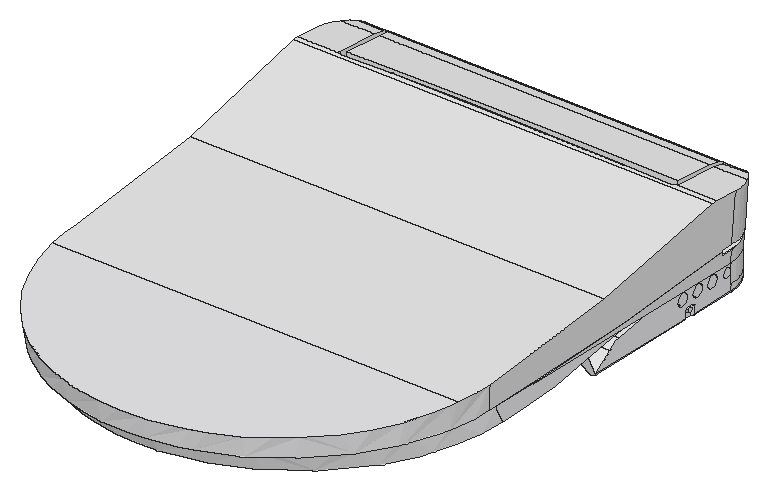
Revit family "Toilet_Seat-Elongated_Closed_Front-Cleansing-KOHLER-Purewash-K-28820X", category Plumbing Fixtures, host Face, Revit 2021
Family settings
  Host = Face
  Round Connector Dimension = Use Diameter
  Part Type = Normal
  OmniClass Number = 23.31.19.19.17
  OmniClass Title = Water Closet Seats
  Cut with Voids When Loaded = No
  Shared = No
  Room Calculation Point = No
Parameters (values of type "0-White")
  Width = 15.06299"  # constant formula
  WaterSense Certified = 1 = 0  # no
  Waste Water Outlet = "Waste Water Outlet"  # constant formula
  Waste Connection = 1 = 0  # no
  Voltage = 120 V  # constant formula
  Vent Connection = 1 = 0  # no
  URL = "https://www.kohler.co.th/"
  Type = 1
  Seat Included = 1 = 1  # yes
  Product Page URL = ""
  Product Name = "Purewash"  # constant formula
  Product Documentation Link = ""
  Pressure = 0.00 psi
  Model = "K-28820X-0"  # constant formula
  Material = "Plastic Construction"  # constant formula
  Master Format 2014 Name = "Residential Water Closets"  # constant formula
  Master Format 2014 = "22 41 13.13"  # constant formula
  Manufacturer Address = "16th Floor, Jasmine City Building 2, Soi Sukhumvit 23, Sukhumvit Road, Khlong Toei Nuea, Watthana, Bangkok 10110\r\n\r\n\r\n\r\n"  # constant formula
  Manufacturer = "Kohler Co."  # constant formula
  Length = 20.24409"  # constant formula
  Hot Water Inlet = "Hot Water Inlet"  # constant formula
  Height = 3.56693"  # constant formula
  HW Connection = 1 = 0  # no
  Flush Rate- LPF = "0 LPF"
  Flush Rate- GPF = "0 GPF"
  Flow Rate = 0 GPM
  Finish = Kohler-Plastic-0-White
  Environmental Product Declaration = ""
  Electrical Note = "One Dedicated Circuit Required"  # constant formula
  Electrical Connector = 1 = 1  # yes
  Description = "E900 Round Bidet Seat"  # constant formula
  Default Elevation = 15"
  Declare Label = ""
  Date Modified = "11/18/2023"  # constant formula
  Date Created = "11/18/2023"  # constant formula
  Copyright = "Copyright Kohler Co."  # constant formula
  Contact Us = "https://www.kohler.co.th/contact-us"
  Cold Water Inlet = "Cold Water Inlet"  # constant formula
  CW Connection = 1 = 1  # yes
  Assembly Code = "D2010100"
  Apparent Load = 1200 VA  # constant formula
  ADA Compliant = 1 = 0  # no
Reference planes (in)
  plane 1 "Center (Front/Back)": y = 0
  plane 2: z = 0
  plane 3 "Center (Left/Right)": x = 0
  plane 4: z = 0
  plane 5: z = 3.56693
  plane 6: x = -7.5315
  plane 7: y = -3.56693
  plane 8: x = -3.94094
  plane 9: x = 3.94094
  plane 10: y = -6.24711
  plane 11: y = -17.27073
  plane 12: y = -0.80315
  plane 13: z = 0
  plane 14: z = 3.56693
  plane 15: z = 1.81102
  plane 16: z = 1.43701
  plane 17: z = 2.77843
  plane 18: z = 0.87826
  plane 19: z = 0.41589
  plane 20: z = -0.91732
  plane 21: z = 0.41589
  plane 22: z = 0.87
  plane 23: y = -2.45809
  plane 24: y = -3.41243
  plane 25: x = 7.31333
  plane 26: x = -7.31333
  plane 27: z = 1.05051
  plane 28: z = 0.4528
  plane 29: z = 0.4528
  plane 30: z = 0.4528
  plane 31: x = -2.75591
  plane 32: x = 2.75591
  plane 33: y = -3.68252
  plane 34: z = 1.94094
  plane 35: x = 7.5315
  plane 36: y = -20.24409
Forms (in)
  Extrusion 1, void
    sketch origin (0, 0, 0) x (0, 1, 0) y (0, 0, 1)
      loop
        line (-1.31466, 0.0884) -> (-5.35645, 0.0884) -> (-5.35645, -1.29024) -> (-1.31466, -1.29024) -> (-1.31466, 0.0884)
    from -1.69501 to 1.10921
Dimensions and locks (in)
  host face to plane 4 = 0"
  "Height": level to plane 5
  plane 8 to plane 9 = 7.88189"
  plane 10 to plane 11 = 11.02362"
  plane 31 to plane 32 = 5.51181"
  plane 20 to plane 5 = 4.48425"
  level to plane 34 = 1.94094"
  "Width": plane 6 to plane 35
  "Length": plane 36 to plane 1 "Center (Front/Back)"
  aligned and locked: plane 2 to host face
  aligned and locked: level to host face
  aligned and locked: plane 3 "Center (Left/Right)" to nested 1
  aligned and locked: nested 1 to plane 13
  aligned and locked: plane 13 to level
  aligned and locked: plane 6 to nested 1
  aligned and locked: plane 35 to nested 1
  aligned and locked: plane 1 "Center (Front/Back)" to nested 1  (x2)
  aligned and locked: plane 36 to nested 1
Automatic sketch dimensions
  host sketch curve to host sketch curve = 96"  (x2)
  plane 7 to Extrusion 1 sketch curve = 2.25227"
  level to Extrusion 1 sketch curve = 0.0884"
  plane 10 to Extrusion 1 sketch curve = 0.89065"
  plane 20 to Extrusion 1 sketch curve = 0.37292"
Nested families (in)
  nested 1: "K-28820X" at (0, 0, -0.91732), type "K-28820X"
Connectors (in)
  piping at (-7.31333, -2.45809, 1.05051), diameter 0.5, driven by "CW Connection", driven by "Cold Water Inlet"
    settings: on nested 1, index 2, connector inside diameter 24", connector length 0", flow factor 0, pipe flow 0 GPM, pressure drop 0.00 psi, fitting loss kfactor 0, connector angle 0.00°, fixture units 0, engagement length 0", angle of deflection 0.00°, flow configuration 0, flow direction 1, fitting loss method 0, system type 20, joint type 0, gender type 0, connector reference index -1, connector utility 1, adjustable connector no, is connector primary yes, connector description "Cold Water Inlet"
  electrical at (7.31333, -3.41243, 0.4528), driven by "Electrical Connector", driven by "Electrical Note", driven by "Voltage", driven by "Apparent Load"
    settings: on nested 1, index 3, voltage 120 V, apparent load 1200 VA, apparent load phase1 0 VA, apparent load phase2 0 VA, apparent load phase3 0 VA, power factor 1, load classification "Power", number of poles 1, system type 30, power factor state 1, is connector primary yes, connector utility yes, sub classification motor no, connector description "One Dedicated Circuit Required"
Definition of nested family "K-28820X"
  Parameters (values of type "K-28820IN")
    Material = none
    HC = no
    Default Elevation = 0"
  Reference planes (in)
    plane 1 "Center (Front/Back)": y = 0
    plane 2: z = 0
    plane 3 "Center (Left/Right)": x = 0
    plane 4 "A": through (0, -4.15406, 2.4332) normal (0, -0.2824, 0.9593)
    plane 5 "1": through (0, -4.44479, 3.48686) normal (0, -0.2272, 0.9739)
    plane 6: z = 1.12782
    plane 7: z = 3.95289
    plane 8: z = 0
    plane 9: x = -7.5315
    plane 10: x = 7.5315
    plane 11: y = -0.80315
    plane 12 "4": through (0, -4.94768, 0.41919) normal (0, -0.7071, -0.7071)
    plane 13 "2": through (0, -4.38689, 0.22976) normal (0, -0.7071, 0.7071)
    plane 14: y = -6.24711
    plane 15: y = -17.27073
    plane 16: x = 3.94094
    plane 17: x = -3.94094
    plane 18: z = 4.48425
    plane 19: z = 0.91732
    plane 20: z = 2.85827
    plane 21: z = 2.35433
    plane 22: y = -2.53191
    plane 23: x = 7.50124
    plane 24: x = -7.50327
    plane 25: z = 3.69575
    plane 26: y = 0
    plane 27: y = -3.41243
    plane 28: z = 1.33321
    plane 29: z = 0
    plane 30: z = 1.78733
    plane 31: x = 7.31333
    plane 32: x = -7.31333
    plane 33: y = -2.45809
    plane 34: z = 1.37012
    plane 35: z = 1.96783
    plane 36: y = -20.24409
  Forms (in)
    Extrusion 1, void
      sketch origin (0, 0, 0) x (1, 0, 0) y (0, 1, 0)
        loop
          line (5.91841, 0.5055) -> (5.91841, -2.22794)
          arc (5.91841, -2.22794) -> (0, -2.17361) -> (-5.91841, -2.2281) r 321.9074
          line (-5.91841, -2.2281) -> (-5.91841, 0.60393) -> (-6.08082, 0.60393) -> (-6.08082, -2.36326)
          arc (-6.08082, -2.36326) -> (-6.03838, -2.46298) -> (-5.93709, -2.50153) r 0.13837
          arc (-5.93709, -2.50153) -> (0.0003, -2.38675) -> (5.93768, -2.50202) r 153.30301
          arc (5.93768, -2.50202) -> (6.03855, -2.46363) -> (6.08082, -2.36433) r 0.1378
          line (6.08082, -2.36433) -> (6.08082, 0.5055) -> (5.91841, 0.5055)
      from 2.68112 to 7.6623
    Extrusion 2, solid, material <- "Material", detail levels medium+fine
      sketch origin (0, 0, 0) x (0, 1, 0) y (0, 0, 1)
        loop
          line (-5.47875, 1.05493) -> (-4.56243, 0.02686) -> (-3.53436, 1.05493) -> (-5.47875, 1.05493)
      from -1.02586 to 1.06291
    Sweep 3, solid, material <- "Material", detail levels medium+fine
      path origin (0, 0, 0) x (1, 0, 0) y (0, 1, 0)
        loop
          line (7.31333, -8.16841) -> (7.31333, -1.5748)
          arc (7.31333, -1.5748) -> (6.85208, -0.46125) -> (5.73853, 0) r 1.5748
          line (5.73853, 0) -> (-5.81333, 0)
          arc (-5.81333, 0) -> (-6.87399, -0.43934) -> (-7.31333, -1.5) r 1.5
          line (-7.31333, -1.5) -> (-7.31333, -7.99606)
      profile origin (-7.31333, -4.74803, 0) x (1, 0, 0) y (0, 0, 1)
        loop
          line (0, 1.38413) -> (0, 1.15841)
          arc (0, 1.15841) -> (0.00565, 1.13731) -> (0.0211, 1.12186) r 0.0422
          line (0.0211, 1.12186) -> (0.33319, 0.94168)
          arc (0.33319, 0.94168) -> (0.37703, 0.92352) -> (0.42408, 0.91732) r 0.18179
          line (0.42408, 0.91732) -> (0.68301, 0.91732) -> (0.68301, 1.38413) -> (0, 1.38413)
    Extrusion 4, solid, material <- "Material", detail levels medium+fine
      sketch origin (0, 0, 0) x (1, 0, 0) y (0, 1, 0)
        loop
          arc (-5.95669, -0.68301) -> (-6.58728, -0.94421) -> (-6.84848, -1.5748) r 0.89179
          line (-6.84848, -1.5748) -> (-6.84848, -7.99606) -> (6.84848, -7.99606) -> (6.84848, -1.5748)
          arc (6.84848, -1.5748) -> (6.58728, -0.94421) -> (5.95669, -0.68301) r 0.89179
          line (5.95669, -0.68301) -> (-5.95669, -0.68301)
      from 0.91732 to 1.38413
    Extrusion 5, void
      sketch origin (0, 0, -0.05469) x (1, 0, 0) y (0, 0, 1)
        loop
          arc (-6.49631, 2.77136) -> (-6.26963, 2.7976) -> (-6.04144, 2.79893) r 2.08579
          line (-6.04144, 2.79893) -> (-6.04144, 3.13675)
          arc (-6.04144, 3.13675) -> (-6.21672, 3.13193) -> (-6.39033, 3.1073) r 1.5473
          arc (-6.39033, 3.1073) -> (-6.69483, 3.02189) -> (-6.98292, 2.89143) r 2.086
          arc (-6.98292, 2.89143) -> (-7.15579, 2.80875) -> (-7.3367, 2.74553) r 1.74393
          arc (-7.3367, 2.74553) -> (-7.44785, 2.71734) -> (-7.56062, 2.69652) r 1.74393
          arc (-7.56062, 2.69652) -> (-7.7236, 2.64352) -> (-7.89164, 2.60989) r 1.46679
          arc (-7.89164, 2.60989) -> (-7.81686, 2.5539) -> (-7.72802, 2.52499) r 0.28594
          arc (-7.72802, 2.52499) -> (-7.50668, 2.51864) -> (-7.29034, 2.56584) r 0.91167
          arc (-7.29034, 2.56584) -> (-6.8976, 2.68514) -> (-6.49631, 2.77136) r 4.93078
        loop
          arc (6.49631, 2.77136) -> (6.8976, 2.68514) -> (7.29034, 2.56584) r 4.93078
          arc (7.29034, 2.56584) -> (7.50668, 2.51864) -> (7.72802, 2.52499) r 0.91167
          arc (7.72802, 2.52499) -> (7.81686, 2.5539) -> (7.89164, 2.60989) r 0.28594
          arc (7.89164, 2.60989) -> (7.7236, 2.64352) -> (7.56062, 2.69652) r 1.46679
          arc (7.56062, 2.69652) -> (7.44785, 2.71734) -> (7.3367, 2.74553) r 1.74393
          arc (7.3367, 2.74553) -> (7.15579, 2.80875) -> (6.98292, 2.89143) r 1.74393
          arc (6.98292, 2.89143) -> (6.69483, 3.02189) -> (6.39033, 3.1073) r 2.086
          arc (6.39033, 3.1073) -> (6.21672, 3.13193) -> (6.04144, 3.13675) r 1.5473
          line (6.04144, 3.13675) -> (6.04144, 2.79893)
          arc (6.04144, 2.79893) -> (6.26963, 2.7976) -> (6.49631, 2.77136) r 2.08579
      from -0.13429 to 2.04421
    Extrusion 6, solid, material <- "Material", detail levels medium+fine
      sketch origin (0.08093, 0, 0) x (1, 0, 0) y (0, 1, 0)
        loop
          arc (6.30544, -11.37878) -> (5.89242, -10.7178) -> (5.23145, -11.13083) r 0.55112
          line (5.23145, -11.13083) -> (4.95538, -12.32661)
          arc (4.95538, -12.32661) -> (5.3684, -12.98759) -> (6.02937, -12.57456) r 0.55112
          line (6.02937, -12.57456) -> (6.30544, -11.37878)
        loop
          line (-6.45677, -11.57597) -> (-6.22622, -12.57456)
          arc (-6.22622, -12.57456) -> (-5.56525, -12.98759) -> (-5.15223, -12.32661) r 0.55112
          line (-5.15223, -12.32661) -> (-5.38277, -11.32802)
          arc (-5.38277, -11.32802) -> (-6.04374, -10.91499) -> (-6.45677, -11.57597) r 0.55112
      from 0.91732 to 1.58915
    Extrusion 7, void
      sketch origin (0, 0, 0) x (0, 1, 0) y (0, 0, 1)
        loop
          arc (-2.44346, 4.50983) -> (-1.61512, 4.45497) -> (-0.7883, 4.38062) r 35.22946
          arc (-0.7883, 4.38062) -> (-0.58901, 4.35367) -> (-0.39192, 4.31368) r 3.05569
          arc (-0.39192, 4.31368) -> (-0.1827, 4.18538) -> (-0.09013, 3.95809) r 0.3937
          line (-0.09013, 3.95809) -> (0.16199, 0.35269) -> (0.51402, 0.35269) -> (0.51402, 5.25794) -> (-21.08788, 5.25794) -> (-21.08788, 2.79077)
          arc (-21.08788, 2.79077) -> (-20.4862, 2.79113) -> (-19.88453, 2.79322) r 210.34624
          arc (-19.88453, 2.79322) -> (-16.80236, 2.83091) -> (-13.72108, 2.91375) r 210.34624
          arc (-13.72108, 2.91375) -> (-10.53082, 3.11309) -> (-7.35688, 3.49192) r 56.6922
          arc (-7.35688, 3.49192) -> (-4.98208, 3.91815) -> (-2.63781, 4.48885) r 39.42662
          arc (-2.63781, 4.48885) -> (-2.54148, 4.50722) -> (-2.44346, 4.50983) r 0.60644
      from -9.62549 to 9.84252
    Extrusion 8, void
      sketch origin (0, 0, 0) x (1, 0, 0) y (0, 0, 1)
        loop
          line (3.62375, 2.99049) -> (3.62375, 1.61254) -> (5.63601, 1.61254) -> (5.63601, 2.99049) -> (3.62375, 2.99049)
        loop
          arc (3.64344, 3.06923) -> (3.57384, 3.0404) -> (3.54501, 2.9708) r 0.09843
          line (3.54501, 2.9708) -> (3.54501, 1.63222)
          arc (3.54501, 1.63222) -> (3.57384, 1.56262) -> (3.64344, 1.5338) r 0.09843
          line (3.64344, 1.5338) -> (5.65324, 1.5338)
          arc (5.65324, 1.5338) -> (5.72284, 1.56262) -> (5.75166, 1.63222) r 0.09843
          line (5.75166, 1.63222) -> (5.75166, 2.9708)
          arc (5.75166, 2.9708) -> (5.72284, 3.0404) -> (5.65324, 3.06923) r 0.09843
          line (5.65324, 3.06923) -> (3.64344, 3.06923)
      from -0.39237 to 0.16455
    Revolve 9, solid, material <- "Material", detail levels medium+fine
      sketch origin (0, 0, 0) x (0, 1, 0) y (0, 0, 1)
        loop
          line (-4.68887, -0.0024) -> (-4.53157, 0.08124) -> (-4.96245, 0.51212) -> (-4.68887, -0.0024)
        axis (-4.96245, 0.51212) -> (-4.53157, 0.08124)
      angle from 0 to 360
    Extrusion 10, void
      sketch origin (0, -2.26425, -2.26425) x (0, -0.707107, 0.707107) y (-1, 0, 0)
        loop
          line (4.40423, 0.84314) -> (4.52101, 0.87443) -> (2.89015, 0.87443) -> (2.89015, -0.87669) -> (4.52101, -0.87669) -> (4.52101, -0.8454) -> (3.087, -0.8454) -> (3.087, 0.84314) -> (4.40423, 0.84314)
      from -0.09025 to 0.67689
    Extrusion 11, void
      sketch origin (0, -2.30833, 2.30833) x (0, 0.707107, 0.707107) y (-1, 0, 0)
        loop
          line (-3.1742, -1.21901) -> (-3.1742, 1.19132) -> (-3.43784, 1.19132) -> (-3.43784, -1.21901) -> (-3.1742, -1.21901)
      from -0.09514 to 0.23435
    Extrusion 12, solid, material <- "Material", detail levels medium+fine
      sketch origin (0, 0.7874, 0) x (1, 0, 0) y (0, 1, 0)
        loop
          line (-4.25501, -16.52036) -> (-3.70463, -17.33634)
          arc (-3.70463, -17.33634) -> (-3.02144, -17.46914) -> (-2.88865, -16.78596) r 0.49213
          line (-2.88865, -16.78596) -> (-3.43903, -15.96997)
          arc (-3.43903, -15.96997) -> (-4.12222, -15.83718) -> (-4.25501, -16.52036) r 0.49213
        loop
          arc (4.25964, -16.52036) -> (4.12684, -15.83718) -> (3.44366, -15.96997) r 0.49213
          line (3.44366, -15.96997) -> (2.89327, -16.78596)
          arc (2.89327, -16.78596) -> (3.02607, -17.46914) -> (3.70925, -17.33634) r 0.49213
          line (3.70925, -17.33634) -> (4.25964, -16.52036)
      from 0.91732 to 1.49291
    Extrusion 13, void
      sketch origin (0, -0.24606, 0) x (1, 0, 0) y (0, 1, 0)
        loop
          arc (-3.01457, -5.68304) -> (-5.74362, -6.60076) -> (-8.24284, -8.03037) r 14.77384
          line (-8.24284, -8.03037) -> (8.17796, -8.03037)
          arc (8.17796, -8.03037) -> (4.92674, -6.1476) -> (1.25856, -5.33535) r 12.28646
          arc (1.25856, -5.33535) -> (-0.89068, -5.35337) -> (-3.01457, -5.68304) r 14.77384
      from -1.71563 to 1.71758
    Extrusion 14, void
      sketch origin (0, 0, 0) x (0, 1, 0) y (0, 0, 1)
        loop
          line (-8.59995, 0.37029) -> (-7.01965, 1.65)
          arc (-7.01965, 1.65) -> (-6.79687, 1.78589) -> (-6.54621, 1.85846) r 0.98425
          arc (-6.54621, 1.85846) -> (-5.49558, 2.03486) -> (-4.45175, 2.24789) r 30.46563
          arc (-4.45175, 2.24789) -> (-5.5682, 2.14306) -> (-6.68491, 2.04112) r 433.66908
          arc (-6.68491, 2.04112) -> (-7.37733, 1.94727) -> (-8.05852, 1.79159) r 7.77016
          arc (-8.05852, 1.79159) -> (-8.74373, 1.64) -> (-9.44096, 1.56027) r 6.75965
          arc (-9.44096, 1.56027) -> (-10.3103, 1.51257) -> (-11.18022, 1.47726) r 61.15216
          arc (-11.18022, 1.47726) -> (-12.35109, 1.44412) -> (-13.52225, 1.42306) r 113.58514
          arc (-13.52225, 1.42306) -> (-14.6389, 1.41231) -> (-15.75559, 1.40873) r 174.11127
          line (-15.75559, 1.40873) -> (-19.66799, 1.40873)
          arc (-19.66799, 1.40873) -> (-20.43129, 1.42997) -> (-21.19222, 1.49363) r 13.72485
          line (-21.19222, 1.49363) -> (-21.19222, 0.1505) -> (-8.59995, 0.37029)
      from -8.53725 to 9.58816
    Extrusion 15, void
      sketch origin (0, 0, 0) x (0, 1, 0) y (0, 0, -1)
        loop
          line (-2.04421, -2.64648) -> (-2.01591, -2.61818)
          arc (-2.01591, -2.61818) -> (-4.18902, -2.35864) -> (-6.3741, -2.23539) r 35.00923
          arc (-6.3741, -2.23539) -> (-8.43404, -2.17117) -> (-10.49304, -2.08188) r 169.35089
          arc (-10.49304, -2.08188) -> (-11.97639, -2.03188) -> (-13.46057, -2.02857) r 47.17689
          arc (-13.46057, -2.02857) -> (-15.19471, -2.0536) -> (-16.9288, -2.08188) r 927.827
          line (-16.9288, -2.08188) -> (-12.99405, -2.08188)
          arc (-12.99405, -2.08188) -> (-11.7449, -2.10586) -> (-10.49607, -2.14301) r 118.48811
          arc (-10.49607, -2.14301) -> (-8.43563, -2.21006) -> (-6.37489, -2.26688) r 415.27458
          arc (-6.37489, -2.26688) -> (-4.20363, -2.38916) -> (-2.04421, -2.64648) r 34.88561
      from -9.69979 to -5.91841
    Extrusion 16, void
      sketch origin (0, 0, 0) x (1, 0, 0) y (0, 1, 0)
        loop
          arc (-3.13197, -7.40143) -> (-3.65095, -7.99233) -> (-3.97572, -8.70859) r 2.67568
          arc (-3.97572, -8.70859) -> (-4.18662, -9.98022) -> (-4.10502, -11.26663) r 5.67325
          arc (-4.10502, -11.26663) -> (-3.70389, -13.11659) -> (-3.16953, -14.93254) r 26.05869
          arc (-3.16953, -14.93254) -> (-2.51301, -16.26917) -> (-1.52589, -17.38415) r 5.5713
          arc (-1.52589, -17.38415) -> (0.01763, -17.95819) -> (1.56115, -17.38415) r 2.3622
          arc (1.56115, -17.38415) -> (2.54828, -16.26917) -> (3.20479, -14.93254) r 5.5713
          arc (3.20479, -14.93254) -> (3.73916, -13.11659) -> (4.14028, -11.26663) r 26.05869
          arc (4.14028, -11.26663) -> (4.22188, -9.98022) -> (4.01099, -8.70859) r 5.67325
          arc (4.01099, -8.70859) -> (3.68622, -7.99233) -> (3.16724, -7.40143) r 2.67568
          arc (3.16724, -7.40143) -> (0.01763, -6.24708) -> (-3.13197, -7.40143) r 4.87396
      from 0.45537 to 2.32037
    Extrusion 17, solid, material <- "Material", detail levels medium+fine
      sketch origin (0, 0, 0) x (1, 0, 0) y (0, 1, 0)
        loop
          line (6.99399, -6.34927) -> (6.99399, -3.33566) -> (-6.90799, -3.33566) -> (-6.90799, -6.34927)
          arc (-6.90799, -6.34927) -> (0.043, -5.24838) -> (6.99399, -6.34927) r 22.49465
      from 1.77908 to 2.08188
    Extrusion 18, void
      sketch origin (0, 0, 0) x (0, 1, 0) y (0, 0, 1)
        loop
          arc (-1.75643, 1.78851) -> (-2.44933, 2.4487) -> (-3.12425, 1.77014) r 0.68413
          line (-3.12425, 1.77014) -> (-3.12425, 1.27281) -> (-3.03539, 1.27281) -> (-3.03539, 1.0267) -> (-2.9505, 1.0267) -> (-2.9435, 1.22721)
          arc (-2.9435, 1.22721) -> (-2.9291, 1.25955) -> (-2.89629, 1.27281) r 0.04724
          line (-2.89629, 1.27281) -> (-1.93905, 1.27281)
          arc (-1.93905, 1.27281) -> (-1.90565, 1.25897) -> (-1.89181, 1.22556) r 0.04724
          line (-1.89181, 1.22556) -> (-1.89181, 1.0267) -> (-1.80976, 1.0267) -> (-1.81979, 1.31399) -> (-1.73986, 1.31399) -> (-1.75643, 1.78851)
      from -7.717 to -7.26433
    Extrusion 19, void
      sketch origin (0, 0, 0) x (0, 1, 0) y (0, 0, 1)
        loop
          arc (-3.21131, 1.41207) -> (-3.23438, 1.46775) -> (-3.29005, 1.49081) r 0.07874
          line (-3.29005, 1.49081) -> (-3.54651, 1.49081)
          arc (-3.54651, 1.49081) -> (-3.60219, 1.46775) -> (-3.62525, 1.41207) r 0.07874
          line (-3.62525, 1.41207) -> (-3.62525, 0.99722) -> (-3.21131, 0.99722) -> (-3.21131, 1.41207)
        loop
          circle (-3.42184, 1.31728) r 0.05906
      from -7.85962 to -7.26433
    Extrusion 20, void
      sketch origin (0, 0, 0) x (1, 0, 0) y (0, 0, 1)
        loop
          line (3.42335, 1.45052) -> (1.41798, 1.45052) -> (1.41798, 0.8935) -> (3.42335, 0.9986) -> (3.42335, 1.45052)
        loop
          line (-3.31542, 1.36631) -> (-3.31542, 0.77576) -> (-1.43891, 0.77576) -> (-1.43891, 1.36631) -> (-3.31542, 1.36631)
      from -0.72251 to 0.16455
    Extrusion 21, void
      sketch origin (0, 0, 0) x (1, 0, 0) y (0, 0, 1)
        loop
          arc (0.18328, 1.66189) -> (0.00181, 1.84336) -> (-0.17967, 1.66189) r 0.18147
          line (-0.17967, 1.66189) -> (-0.17967, 0.77576) -> (0.18328, 0.77576) -> (0.18328, 1.66189)
        loop
          circle (0.00181, 1.66189) r 0.0663
        loop
          arc (-6.01751, 1.58807) -> (-6.19898, 1.76955) -> (-6.38045, 1.58807) r 0.18147
          line (-6.38045, 1.58807) -> (-6.38045, 0.77576) -> (-6.01751, 0.77576) -> (-6.01751, 1.58807)
        loop
          circle (-6.19898, 1.58807) r 0.0663
        loop
          arc (6.38407, 1.58807) -> (6.20259, 1.76955) -> (6.02112, 1.58807) r 0.18147
          line (6.02112, 1.58807) -> (6.02112, 0.75499) -> (6.38407, 0.75499) -> (6.38407, 1.58807)
        loop
          circle (6.20259, 1.58807) r 0.0663
      from -0.41876 to 0.16455
    Extrusion 22, void
      sketch origin (0, 0, 0) x (0, 1, 0) y (0, 0, 1)
        loop
          circle (-3.74729, 1.83353) r 0.20472
        loop
          circle (-3.06994, 1.83353) r 0.20472
        loop
          circle (-2.41479, 1.83353) r 0.20472
        loop
          circle (-1.75244, 1.83353) r 0.15748
        loop
          line (-3.62584, 1.41402) -> (-3.62584, 0.85381) -> (-3.20754, 0.85381) -> (-3.20754, 1.41402)
          arc (-3.20754, 1.41402) -> (-3.2306, 1.4697) -> (-3.28628, 1.49276) r 0.07874
          line (-3.28628, 1.49276) -> (-3.5471, 1.49276)
          arc (-3.5471, 1.49276) -> (-3.60278, 1.4697) -> (-3.62584, 1.41402) r 0.07874
        loop
          circle (-3.74729, 1.83353) r 0.19685
        loop
          circle (-3.06994, 1.83353) r 0.19685
        loop
          circle (-2.41479, 1.83353) r 0.19685
        loop
          circle (-1.75244, 1.83353) r 0.14961
      from 7.15244 to 7.84264
    Extrusion 23, solid, material <- "Material", detail levels medium+fine
      sketch origin (0, 0.07382, 0.17224) x (0, 1, 0) y (0, 0, 1)
        loop
          circle (-2.53191, 1.79559) r 0.19685
      from -7.31333 to -7.24747
    Extrusion 24, solid, material <- "Material", detail levels medium+fine
      sketch origin (0.30664, 0, 0) x (1, 0, 0) y (0, 1, 0)
        loop
          circle (-1.55618, -5.13822) r 0.1702
      from 0.84881 to 0.91732
    Blend 25, solid, material <- "Material", detail levels medium+fine
      base sketch origin (0, 0, 0) x (1, 0, 0) y (0, 1, 0)
        loop
          line (-7.31333, -1.5748) -> (-7.31333, -12.38678)
          arc (-7.31333, -12.38678) -> (0, -19.70011) -> (7.31333, -12.38678) r 7.31333
          line (7.31333, -12.38678) -> (7.31333, -1.5748)
          arc (7.31333, -1.5748) -> (6.85208, -0.46125) -> (5.73853, 0) r 1.5748
          line (5.73853, 0) -> (-5.73853, 0)
          arc (-5.73853, 0) -> (-6.85208, -0.46125) -> (-7.31333, -1.5748) r 1.5748
      top sketch origin (0, 0, 0) x (1, 0, 0) y (0, 1, 0)
        loop
          line (-7.5315, -1.5748) -> (-7.5315, -12.69889)
          arc (-7.5315, -12.69889) -> (0, -20.23039) -> (7.5315, -12.69889) r 7.5315
          line (7.5315, -12.69889) -> (7.5315, -1.5748)
          arc (7.5315, -1.5748) -> (7.07025, -0.46125) -> (5.95669, 0) r 1.5748
          line (5.95669, 0) -> (-5.95669, 0)
          arc (-5.95669, 0) -> (-7.07025, -0.46125) -> (-7.5315, -1.5748) r 1.5748
      from 2.08188 to 4.81616
    Blend 26, solid, material <- "Material", detail levels medium+fine
      base sketch origin (0, 0, 0) x (1, 0, 0) y (0, 1, 0)
        loop
          line (5.73853, 0) -> (-5.81333, 0)
          arc (-5.81333, 0) -> (-6.87399, -0.43934) -> (-7.31333, -1.5) r 1.5
          line (-7.31333, -1.5) -> (-7.31333, -11.74229)
          arc (-7.31333, -11.74229) -> (0, -19.05562) -> (7.31333, -11.74229) r 7.31333
          line (7.31333, -11.74229) -> (7.31333, -1.5748)
          arc (7.31333, -1.5748) -> (6.85208, -0.46125) -> (5.73853, 0) r 1.5748
      top sketch origin (0, 0, 0) x (1, 0, 0) y (0, 1, 0)
        loop
          line (5.73853, 0) -> (-5.73853, 0)
          arc (-5.73853, 0) -> (-6.85208, -0.46125) -> (-7.31333, -1.5748) r 1.5748
          line (-7.31333, -1.5748) -> (-7.31333, -12.09761)
          arc (-7.31333, -12.09761) -> (0, -19.41094) -> (7.31333, -12.09761) r 7.31333
          line (7.31333, -12.09761) -> (7.31333, -1.5748)
          arc (7.31333, -1.5748) -> (6.85208, -0.46125) -> (5.73853, 0) r 1.5748
      from 1.38413 to 2.08188
    Extrusion 27, void
      sketch origin (0, 0, 0) x (0, 1, 0) y (0, 0, 1)
        loop
          arc (-2.04421, 2.64648) -> (-4.20363, 2.38916) -> (-6.37489, 2.26688) r 34.88561
          arc (-6.37489, 2.26688) -> (-8.43563, 2.21006) -> (-10.49607, 2.14301) r 415.27458
          arc (-10.49607, 2.14301) -> (-11.7449, 2.10586) -> (-12.99405, 2.08188) r 118.48811
          line (-12.99405, 2.08188) -> (-16.9288, 2.08188)
          arc (-16.9288, 2.08188) -> (-15.19471, 2.0536) -> (-13.46057, 2.02857) r 927.827
          arc (-13.46057, 2.02857) -> (-11.97639, 2.03188) -> (-10.49304, 2.08188) r 47.17689
          arc (-10.49304, 2.08188) -> (-8.43404, 2.17117) -> (-6.3741, 2.23539) r 169.35089
          arc (-6.3741, 2.23539) -> (-4.18902, 2.35864) -> (-2.01591, 2.61818) r 35.00923
          line (-2.01591, 2.61818) -> (-2.04421, 2.64648)
      from -9.69979 to -4.58168
    Extrusion 28, solid, material <- "Material", detail levels medium+fine
      sketch origin (0, 0.01845, 0.03691) x (0, 1, 0) y (0, 0, 1)
        loop
          circle (-3.43088, 1.33321) r 0.06821
      from 7.18379 to 7.31333
    Extrusion 29, solid, material <- "Material", detail levels coarse
      sketch origin (0, 0, 0) x (0, 1, 0) y (0, 0, 1)
        loop
          line (-4.56243, 0.02686) -> (-3.67197, 0.91732) -> (-5.45289, 0.91732) -> (-4.56243, 0.02686)
      from -1.02586 to 1.06291
    Extrusion 30, void
      sketch origin (0, 0, 0) x (1, 0, 0) y (0, 1, 0)
        loop
          arc (-3.01457, -5.92911) -> (-4.79958, -6.46155) -> (-6.5034, -7.21437) r 14.77384
          line (-6.5034, -7.21437) -> (6.63221, -7.21437)
          arc (6.63221, -7.21437) -> (4.03994, -6.08673) -> (1.25856, -5.58141) r 12.28646
          arc (1.25856, -5.58141) -> (-0.89068, -5.59943) -> (-3.01457, -5.92911) r 14.77384
      from 1.21979 to 1.91927
    Blend 31, solid, material <- "Material", detail levels coarse
      base sketch origin (0.05141, -0.05793, 0) x (1, 0, 0) y (0, 1, 0)
        loop
          arc (-5.80067, 0) -> (-6.91422, -0.46125) -> (-7.37547, -1.5748) r 1.5748
          line (-7.37547, -1.5748) -> (-7.37547, -5.70866)
          arc (-7.37547, -5.70866) -> (-7.23918, -9.40589) -> (-6.83104, -13.08305) r 50.21624
          arc (-6.83104, -13.08305) -> (-5.78044, -16.15585) -> (-3.70442, -18.65305) r 8.96814
          arc (-3.70442, -18.65305) -> (0.15076, -19.97434) -> (3.90469, -18.3881) r 5.70866
          arc (3.90469, -18.3881) -> (5.82943, -15.78959) -> (6.78683, -12.70086) r 9.64237
          arc (6.78683, -12.70086) -> (7.13497, -9.19826) -> (7.25119, -5.68032) r 53.30263
          line (7.25119, -5.68032) -> (7.25119, -1.5748)
          arc (7.25119, -1.5748) -> (6.78994, -0.46125) -> (5.67639, 0) r 1.5748
          line (5.67639, 0) -> (-5.80067, 0)
      top sketch origin (0.05141, -0.05793, 0) x (1, 0, 0) y (0, 1, 0)
        loop
          line (-7.5315, -1.5748) -> (-7.5315, -7.90027)
          arc (-7.5315, -7.90027) -> (-7.22961, -11.47029) -> (-6.33252, -14.93892) r 21.25984
          arc (-6.33252, -14.93892) -> (-5.51719, -16.76571) -> (-4.4134, -18.43412) r 12.16097
          arc (-4.4134, -18.43412) -> (0.21858, -20.58097) -> (4.68432, -18.10685) r 5.63676
          arc (4.68432, -18.10685) -> (5.83833, -16.08061) -> (6.66704, -13.90102) r 15.11957
          arc (6.66704, -13.90102) -> (7.31427, -10.93162) -> (7.5315, -7.90027) r 21.25984
          line (7.5315, -7.90027) -> (7.5315, -1.5748)
          arc (7.5315, -1.5748) -> (7.07025, -0.46125) -> (5.95669, 0) r 1.5748
          line (5.95669, 0) -> (-5.95669, 0)
          arc (-5.95669, 0) -> (-7.07025, -0.46125) -> (-7.5315, -1.5748) r 1.5748
      from 0.91732 to 4.81616
  Cuts and joins
    Extrusion 10, Extrusion 11 cuts Extrusion 2
    Extrusion 27 cuts Extrusion 17
    Extrusion 1, Extrusion 5, Extrusion 7, Extrusion 8, Extrusion 15, Extrusion 18, Extrusion 27 cuts Blend 25
    Extrusion 13, Extrusion 14, Extrusion 18, Extrusion 19, Extrusion 20, Extrusion 21, Extrusion 22 cuts Sweep 3
    Extrusion 13, Extrusion 14 cuts Extrusion 4
    Extrusion 8, Extrusion 13, Extrusion 14, Extrusion 16, Extrusion 18, Extrusion 19, Extrusion 20, Extrusion 21, Extrusion 22, Extrusion 27, Extrusion 30 cuts Blend 26
    joined: Sweep 3, Extrusion 4, Extrusion 6, Extrusion 12, Blend 26
    Extrusion 7 cuts Blend 31
  Lines and regions (in)
    Masking region 1
      outline origin (0, 0, 0) x (1, 0, 0) y (0, 1, 0)
        loop
          line (5.95669, 0) -> (-5.95669, 0)
          arc (-5.95669, 0) -> (-7.07025, -0.46125) -> (-7.5315, -1.5748) r 1.5748
          line (-7.5315, -1.5748) -> (-7.5315, -12.71862)
          arc (-7.5315, -12.71862) -> (-5.53809, -17.82284) -> (-0.61308, -20.22513) r 7.5315
          arc (-0.61308, -20.22513) -> (-0.32175, -20.24175) -> (-0.02996, -20.24409) r 5.95874
          line (-0.02996, -20.24409) -> (0.02429, -20.24409)
          arc (0.02429, -20.24409) -> (0.39106, -20.23846) -> (0.75691, -20.21199) r 6.4502
          arc (0.75691, -20.21199) -> (5.58677, -17.7695) -> (7.5315, -12.71862) r 7.5315
          line (7.5315, -12.71862) -> (7.5315, -1.5748)
          arc (7.5315, -1.5748) -> (7.07025, -0.46125) -> (5.95669, 0) r 1.5748
    Masking region 2
      outline origin (0, 0, 0) x (0, 1, 0) y (0, 0, 1)
        loop
          arc (-0.10429, 3.93589) -> (-0.19686, 4.16318) -> (-0.40608, 4.29148) r 0.3937
          arc (-0.40608, 4.29148) -> (-0.60316, 4.33147) -> (-0.80246, 4.35842) r 3.05569
          arc (-0.80246, 4.35842) -> (-1.5762, 4.42859) -> (-2.3513, 4.48169) r 35.22946
          arc (-2.3513, 4.48169) -> (-2.38893, 4.48341) -> (-2.42659, 4.48425) r 1.61748
          line (-2.42659, 4.48425) -> (-2.45809, 4.48425)
          arc (-2.45809, 4.48425) -> (-2.51358, 4.48225) -> (-2.56888, 4.47728) r 1.03663
          arc (-2.56888, 4.47728) -> (-4.95512, 3.90167) -> (-7.37151, 3.46972) r 41.05142
          arc (-7.37151, 3.46972) -> (-13.16988, 2.88931) -> (-18.99715, 2.85827) r 61.72624
          line (-18.99715, 2.85827) -> (-20.11936, 2.85827)
          arc (-20.11936, 2.85827) -> (-20.20756, 2.82173) -> (-20.24409, 2.73353) r 0.12473
          line (-20.24409, 2.73353) -> (-20.24409, 2.69004) -> (-19.88843, 1.95124)
          arc (-19.88843, 1.95124) -> (-19.85937, 1.91811) -> (-19.81706, 1.90578) r 0.07874
          line (-19.81706, 1.90578) -> (-19.49294, 1.90578) -> (-19.49681, 1.86151)
          arc (-19.49681, 1.86151) -> (-19.49178, 1.84603) -> (-19.47715, 1.83889) r 0.02084
          line (-19.47715, 1.83889) -> (-19.44557, 1.83724) -> (-19.44557, 1.74194)
          arc (-19.44557, 1.74194) -> (-19.43436, 1.69173) -> (-19.40288, 1.65104) r 0.11811
          line (-19.40288, 1.65104) -> (-18.84902, 1.19147) -> (-17.49027, 1.21135)
          arc (-17.49027, 1.21135) -> (-17.44239, 1.19796) -> (-17.40947, 1.1607) r 0.08774
          line (-17.40947, 1.1607) -> (-17.38365, 1.10533) -> (-17.33245, 1.10601) -> (-17.29676, 1.00235)
          arc (-17.29676, 1.00235) -> (-17.25077, 0.94076) -> (-17.17756, 0.91732) r 0.12607
          line (-17.17756, 0.91732) -> (-16.04802, 0.91732)
          arc (-16.04802, 0.91732) -> (-15.95983, 0.95116) -> (-15.90678, 1.02932) r 0.15775
          line (-15.90678, 1.02932) -> (-15.87791, 1.1253) -> (-15.8275, 1.12729) -> (-15.81019, 1.16859)
          arc (-15.81019, 1.16859) -> (-15.77881, 1.20708) -> (-15.73157, 1.22238) r 0.08774
          line (-15.73157, 1.22238) -> (-12.97962, 1.29426)
          arc (-12.97962, 1.29426) -> (-12.9355, 1.2813) -> (-12.90728, 1.245) r 0.0749
          line (-12.90728, 1.245) -> (-12.82464, 1.01795)
          arc (-12.82464, 1.01795) -> (-12.76865, 0.94498) -> (-12.68093, 0.91732) r 0.15293
          line (-12.68093, 0.91732) -> (-11.01067, 0.91732)
          arc (-11.01067, 0.91732) -> (-10.91604, 0.94625) -> (-10.85377, 1.02315) r 0.16922
          line (-10.85377, 1.02315) -> (-10.74329, 1.2966)
          arc (-10.74329, 1.2966) -> (-10.0918, 1.30117) -> (-9.44158, 1.34205) r 11.68666
          arc (-9.44158, 1.34205) -> (-8.72431, 1.43337) -> (-8.01545, 1.576) r 10.05401
          arc (-8.01545, 1.576) -> (-7.92729, 1.59748) -> (-7.83932, 1.61976) r 10.05401
          arc (-7.83932, 1.61976) -> (-7.64784, 1.65983) -> (-7.45347, 1.68201) r 2.11229
          arc (-7.45347, 1.68201) -> (-7.15381, 1.71176) -> (-6.85664, 1.76042) r 4.75377
          line (-6.85664, 1.76042) -> (-6.96153, 1.62123) -> (-7.59346, 1.54363) -> (-7.87049, 1.176) -> (-7.83541, 1.176) -> (-7.83541, 1.13476)
          arc (-7.83541, 1.13476) -> (-7.83149, 1.11509) -> (-7.82035, 1.09841) r 0.0514
          line (-7.82035, 1.09841) -> (-7.63926, 0.91732) -> (-5.4169, 0.91732) -> (-4.84854, 0.34896) -> (-4.68625, 0) -> (-3.68462, 0.91732) -> (-0.4668, 0.91732) -> (0, 1.38413) -> (0, 2.44453) -> (-0.10429, 3.93589)
    Masking region 3
      outline origin (0, 0, 0) x (1, 0, 0) y (0, 0, 1)
        loop
          line (-6.9957, 0.91732) -> (-1.41568, 0.91732) -> (-1.41568, 0.85575)
          arc (-1.41568, 0.85575) -> (-1.40871, 0.83892) -> (-1.39188, 0.83195) r 0.0238
          line (-1.39188, 0.83195) -> (-1.10409, 0.83195)
          arc (-1.10409, 0.83195) -> (-1.08952, 0.83799) -> (-1.08348, 0.85256) r 0.02061
          line (-1.08348, 0.85256) -> (-1.08348, 0.91732) -> (-1.02586, 0.91732) -> (-1.02586, 0.35175)
          arc (-1.02586, 0.35175) -> (-0.83573, 0.13631) -> (-0.56495, 0.04016) r 0.57335
          line (-0.56495, 0.04016) -> (-0.26128, 0.04016)
          arc (-0.26128, 0.04016) -> (-0.18156, 0.01779) -> (-0.09998, 0.00361) r 0.8166
          arc (-0.09998, 0.00361) -> (-0.0574, 0.00011) -> (-0.01467, 0) r 0.53986
          line (-0.01467, 0) -> (0.01682, 0)
          arc (0.01682, 0) -> (0.05935, 0.00039) -> (0.10171, 0.00409) r 0.54493
          arc (0.10171, 0.00409) -> (0.18131, 0.01822) -> (0.25911, 0.04016) r 0.8166
          line (0.25911, 0.04016) -> (0.56495, 0.04016)
          arc (0.56495, 0.04016) -> (0.83573, 0.13631) -> (1.02586, 0.35175) r 0.57335
          line (1.02586, 0.35175) -> (1.02586, 0.91732) -> (6.9957, 0.91732) -> (7.31333, 1.23495) -> (7.31333, 2.0486)
          arc (7.31333, 2.0486) -> (7.41404, 2.10114) -> (7.49376, 2.18207) r 0.36543
          arc (7.49376, 2.18207) -> (7.52295, 2.24132) -> (7.5315, 2.30681) r 0.2023
          line (7.5315, 2.30681) -> (7.5315, 2.33888) -> (7.46965, 4.07775)
          arc (7.46965, 4.07775) -> (7.44474, 4.18562) -> (7.38133, 4.27638) r 0.29096
          arc (7.38133, 4.27638) -> (7.33887, 4.31043) -> (7.29081, 4.33597) r 0.29096
          arc (7.29081, 4.33597) -> (7.10217, 4.39672) -> (6.90607, 4.42533) r 1.19041
          arc (6.90607, 4.42533) -> (6.47571, 4.44423) -> (6.04495, 4.44794) r 12.20459
          arc (6.04495, 4.44794) -> (4.52006, 4.45012) -> (2.99554, 4.48425) r 72.753
          line (2.99554, 4.48425) -> (-2.99552, 4.48425)
          arc (-2.99552, 4.48425) -> (-4.52004, 4.45011) -> (-6.04494, 4.44794) r 72.753
          arc (-6.04494, 4.44794) -> (-6.4757, 4.44423) -> (-6.90606, 4.42533) r 12.20459
          arc (-6.90606, 4.42533) -> (-7.10216, 4.39672) -> (-7.2908, 4.33597) r 1.19041
          arc (-7.2908, 4.33597) -> (-7.33886, 4.31043) -> (-7.38132, 4.27638) r 0.29096
          arc (-7.38132, 4.27638) -> (-7.44473, 4.18563) -> (-7.46964, 4.07776) r 0.29096
          line (-7.46964, 4.07776) -> (-7.5315, 2.341) -> (-7.5315, 2.30648)
          arc (-7.5315, 2.30648) -> (-7.52293, 2.24103) -> (-7.49375, 2.18183) r 0.2023
          arc (-7.49375, 2.18183) -> (-7.41404, 2.1009) -> (-7.31333, 2.04835) r 0.36543
          line (-7.31333, 2.04835) -> (-7.31333, 1.23495) -> (-6.9957, 0.91732)
    symbolic lines, detail levels medium+fine
      curve 1: line (-5.95669, 0, 0) -> (-5.95669, -1.87246, 0)
      curve 2: line (5.95669, 0, 0) -> (5.95669, -1.87246, 0)
      curve 3: line (-6.46807, -2.68932, 0) -> (6.46807, -2.68932, 0)
      curve 4: arc (-7.45217, -3.6564, 0) -> (-7.15794, -2.97156, 0) -> (-6.46807, -2.68932, 0) r 0.98425
      curve 5: arc (7.45217, -3.6564, 0) -> (7.15794, -2.97156, 0) -> (6.46807, -2.68932, 0) r 0.98425
      curve 6: arc (-5.66399, -2.18663, 0) -> (0, -2.387, 0) -> (5.66399, -2.18663, 0) r 80.15289
      curve 7: arc (-5.95669, -1.87246, 0) -> (-5.87218, -2.08715, 0) -> (-5.66399, -2.18663, 0) r 0.31496
      curve 8: arc (5.66399, -2.18663, 0) -> (5.87218, -2.08715, 0) -> (5.95669, -1.87246, 0) r 0.31496
      curve 9: arc (5.99606, -1.87246, 0) -> (5.90098, -2.11399, 0) -> (5.66677, -2.2259, 0) r 0.35433
      curve 10: arc (5.66677, -2.2259, 0) -> (0, -2.42637, 0) -> (-5.66677, -2.2259, 0) r 80.19226
      curve 11: arc (-5.66677, -2.2259, 0) -> (-5.90098, -2.11399, 0) -> (-5.99606, -1.87246, 0) r 0.35433
      curve 12: line (6.46807, -2.72869, 0) -> (-6.46807, -2.72869, 0)
      curve 13: arc (-6.46807, -2.72869, 0) -> (-7.13034, -2.99964, 0) -> (-7.4128, -3.65709, 0) r 0.94488
      curve 14: arc (7.4128, -3.65709, 0) -> (7.13034, -2.99964, 0) -> (6.46807, -2.72869, 0) r 0.94488
      curve 15: arc (-3.94094, 0, 2.9252) -> (0, 0, 2.85279) -> (3.94094, 0, 2.9252) r 107.27856
      curve 16: arc (3.94094, 0, 2.9252) -> (5.05436, 0, 2.94783) -> (6.16792, 0, 2.93388) r 33.90816
      curve 17: arc (6.16792, 0, 2.93388) -> (6.68863, 0, 2.9781) -> (7.18598, 0, 3.13855) r 2.30369
      curve 18: arc (7.18598, 0, 3.13855) -> (7.33808, 0, 3.25411) -> (7.42513, 0, 3.42415) r 0.43004
      curve 19: line (7.38042, 0, 4.27725) -> (7.42513, 0, 3.42415)
      curve 20: arc (-3.4659, 0, 2.03717) -> (0, 0, 2.01878) -> (3.4659, 0, 2.03717) r 326.60904
      curve 21: arc (-7.26172, 0, 1.82249) -> (-7.13461, 0, 1.67014) -> (-6.94459, 0, 1.61305) r 0.34481
      curve 22: arc (-6.94459, 0, 1.61305) -> (-6.15481, 0, 1.62281) -> (-5.36552, 0, 1.65208) r 31.95909
      curve 23: arc (-5.36552, 0, 1.65208) -> (-3.89683, 0, 1.72016) -> (-2.42775, 0, 1.77908) r 236.14957
      curve 24: arc (-2.42775, 0, 1.77908) -> (-1.21389, 0, 1.80192) -> (0, 0, 1.78065) r 33.41674
      curve 25: arc (-7.25229, 0, 1.80225) -> (-6.79033, 0, 1.73119) -> (-6.32305, 0, 1.72095) r 3.57811
      curve 26: arc (-6.32305, 0, 1.72095) -> (-5.80227, 0, 1.74681) -> (-5.28184, 0, 1.77908) r 42.32253
      curve 27: arc (-5.28184, 0, 1.77908) -> (-4.88293, 0, 1.8017) -> (-4.48362, 0, 1.81518) r 17.44216
      curve 28: arc (-4.48362, 0, 1.81518) -> (-4.00829, 0, 1.83152) -> (-3.5335, 0, 1.85937) r 19.65357
      curve 29: arc (-3.5335, 0, 1.85937) -> (-1.7678, 0, 1.94596) -> (0, 0, 1.95595) r 40.78232
      curve 30: line (7.43113, 0, 4.2124) -> (7.47268, 0, 3.41964)
      curve 31: arc (7.47268, 0, 3.41964) -> (7.37666, 0, 3.22661) -> (7.20549, 0, 3.09552) r 0.47728
      curve 32: arc (7.20549, 0, 3.09552) -> (6.69794, 0, 2.93179) -> (6.16655, 0, 2.88666) r 2.35093
      curve 33: arc (6.16655, 0, 2.88666) -> (5.05454, 0, 2.90058) -> (3.94268, 0, 2.87798) r 33.86092
      curve 34: arc (3.94268, 0, 2.87798) -> (0, 0, 2.80554) -> (-3.94268, 0, 2.87798) r 107.3258
      curve 35: arc (-6.94459, 0, 1.56581) -> (-7.1041, 0, 1.59972) -> (-7.23601, 0, 1.6956) r 0.39206
      curve 36: arc (-5.36319, 0, 1.6049) -> (-6.15365, 0, 1.57558) -> (-6.94459, 0, 1.56581) r 32.00633
      curve 37: arc (-2.42601, 0, 1.73187) -> (-3.89479, 0, 1.67296) -> (-5.36319, 0, 1.6049) r 236.10233
      curve 38: arc (0, 0, 1.73337) -> (-1.21302, 0, 1.75468) -> (-2.42601, 0, 1.73187) r 33.3695
      curve 39: arc (6.63851, 0, 2.07307) -> (6.10509, 0, 2.03428) -> (5.57048, 0, 2.01865) r 12.34101
      curve 40: arc (5.57048, 0, 2.01865) -> (4.51812, 0, 2.0193) -> (3.4659, 0, 2.03717) r 64.30402
      curve 41: arc (7.52853, 0, 2.42237) -> (7.10811, 0, 2.18507) -> (6.63851, 0, 2.07307) r 1.73138
      curve 42: arc (7.53057, 0, 2.36482) -> (7.1098, 0, 2.13506) -> (6.64296, 0, 2.02603) r 1.77862
      curve 43: arc (6.64296, 0, 2.02603) -> (6.10749, 0, 1.9871) -> (5.57084, 0, 1.97141) r 12.38826
      curve 44: arc (5.57084, 0, 1.97141) -> (4.51812, 0, 1.97205) -> (3.46556, 0, 1.98992) r 64.35126
      curve 45: arc (3.46556, 0, 1.98992) -> (0, 0, 1.97153) -> (-3.46556, 0, 1.98992) r 326.65628
      curve 46: arc (3.94094, 0, 2.9252) -> (0, 0, 2.85279) -> (-3.94094, 0, 2.9252) r 107.27856
      curve 47: arc (-3.94094, 0, 2.9252) -> (-5.05436, 0, 2.94783) -> (-6.16792, 0, 2.93388) r 33.90816
      curve 48: arc (-6.16792, 0, 2.93388) -> (-6.68863, 0, 2.9781) -> (-7.18598, 0, 3.13855) r 2.30369
      curve 49: arc (-7.18598, 0, 3.13855) -> (-7.33808, 0, 3.25411) -> (-7.42513, 0, 3.42415) r 0.43004
      curve 50: line (-7.38042, 0, 4.27724) -> (-7.42513, 0, 3.42415)
      curve 51: arc (-7.47268, 0, 3.41964) -> (-7.37666, 0, 3.22661) -> (-7.20549, 0, 3.09552) r 0.47728
      curve 52: arc (-7.20549, 0, 3.09552) -> (-6.69794, 0, 2.93179) -> (-6.16655, 0, 2.88666) r 2.35093
      curve 53: arc (-6.16655, 0, 2.88666) -> (-5.05454, 0, 2.90058) -> (-3.94268, 0, 2.87798) r 33.86092
      curve 54: arc (-6.63851, 0, 2.07307) -> (-6.10509, 0, 2.03428) -> (-5.57048, 0, 2.01865) r 12.34101
      curve 55: arc (-5.57048, 0, 2.01865) -> (-4.51812, 0, 2.0193) -> (-3.4659, 0, 2.03717) r 64.30402
      curve 56: arc (-7.5286, 0, 2.42242) -> (-7.10815, 0, 2.18508) -> (-6.63851, 0, 2.07307) r 1.73138
      curve 57: arc (-7.53065, 0, 2.36487) -> (-7.10985, 0, 2.13508) -> (-6.64296, 0, 2.02603) r 1.77862
      curve 58: arc (-6.64296, 0, 2.02603) -> (-6.10749, 0, 1.9871) -> (-5.57084, 0, 1.97141) r 12.38826
      curve 59: arc (-5.57084, 0, 1.97141) -> (-4.51812, 0, 1.97205) -> (-3.46556, 0, 1.98992) r 64.35126
      curve 60: arc (7.26584, 0, 1.80528) -> (6.79725, 0, 1.7318) -> (6.32305, 0, 1.72095) r 3.57811
      curve 61: arc (6.32305, 0, 1.72095) -> (5.80227, 0, 1.74681) -> (5.28184, 0, 1.77908) r 42.32253
      curve 62: arc (5.28184, 0, 1.77908) -> (4.88293, 0, 1.8017) -> (4.48362, 0, 1.81518) r 17.44216
      curve 63: arc (4.48362, 0, 1.81518) -> (4.00829, 0, 1.83152) -> (3.5335, 0, 1.85937) r 19.65357
      curve 64: arc (3.5335, 0, 1.85937) -> (1.7678, 0, 1.94596) -> (0, 0, 1.95595) r 40.78232
      curve 65: arc (6.94459, 0, 1.56581) -> (7.08958, 0, 1.5936) -> (7.21401, 0, 1.67304) r 0.39206
      curve 66: arc (5.36319, 0, 1.6049) -> (6.15365, 0, 1.57558) -> (6.94459, 0, 1.56581) r 32.00633
      curve 67: arc (2.42601, 0, 1.73187) -> (3.89479, 0, 1.67296) -> (5.36319, 0, 1.6049) r 236.10233
      curve 68: arc (0, 0, 1.73337) -> (1.21302, 0, 1.75468) -> (2.42601, 0, 1.73187) r 33.3695
      curve 69: arc (7.18154, 0, 1.70736) -> (7.0721, 0, 1.6375) -> (6.94459, 0, 1.61305) r 0.34481
      curve 70: arc (6.94459, 0, 1.61305) -> (6.15481, 0, 1.62281) -> (5.36552, 0, 1.65208) r 31.95909
      curve 71: arc (5.36552, 0, 1.65208) -> (3.89683, 0, 1.72016) -> (2.42775, 0, 1.77908) r 236.14957
      curve 72: arc (2.42775, 0, 1.77908) -> (1.21389, 0, 1.80192) -> (0, 0, 1.78065) r 33.41674
      curve 73: line (-7.47268, 0, 3.41964) -> (-7.47268, 0, 3.77612)
      curve 74: line (-7.31333, 0, 1.33321) -> (-6.2346, 0, 1.33321)
      curve 75: line (-6.26817, 0, 1.4163) -> (-6.09738, 0, 0.99358)
      curve 76: line (-5.15994, 0, 1.28354) -> (-5.27407, 0, 1.00106)
      curve 77: line (-5.98432, 0, 0.91732) -> (-5.39821, 0, 0.91732)
      curve 78: arc (-5.39821, 0, 0.91732) -> (-5.32334, 0, 0.94021) -> (-5.27407, 0, 1.00106) r 0.13389
      curve 79: arc (-6.09738, 0, 0.99358) -> (-6.05251, 0, 0.93817) -> (-5.98432, 0, 0.91732) r 0.12194
      curve 80: line (-6.96647, 0, 1.56642) -> (-6.28993, 0, 1.42094)
      curve 81: arc (-6.28993, 0, 1.42094) -> (-5.71829, 0, 1.32539) -> (-5.14028, 0, 1.28298) r 6.27609
      curve 82: line (-5.14028, 0, 1.28298) -> (-4.42224, 0, 1.26355)
      curve 83: line (-4.40428, 0, 1.1098) -> (-4.45806, 0, 1.25758)
      curve 84: arc (-4.46097, 0, 1.2646) -> (-4.45944, 0, 1.26112) -> (-4.45806, 0, 1.25758) r 0.08872
      curve 85: line (-4.40428, 0, 1.1098) -> (-4.38078, 0, 1.1098)
      curve 86: arc (-4.38078, 0, 1.1098) -> (-4.34963, 0, 0.9765) -> (-4.2262, 0, 0.91732) r 0.15831
      curve 87: line (-3.36073, 0, 1.1098) -> (-3.30434, 0, 1.26473)
      curve 88: line (-3.36073, 0, 1.1098) -> (-3.38423, 0, 1.1098)
      curve 89: arc (-3.38423, 0, 1.1098) -> (-3.41538, 0, 0.9765) -> (-3.53881, 0, 0.91732) r 0.15831
      curve 90: line (-4.2262, 0, 0.91732) -> (-3.53881, 0, 0.91732)
      curve 91: arc (-4.42215, 0, 1.26671) -> (-3.82406, 0, 1.25862) -> (-3.22597, 0, 1.26671) r 22.11212
      curve 92: line (6.26817, 0, 1.4163) -> (6.09738, 0, 0.99358)
      curve 93: line (5.15994, 0, 1.28354) -> (5.27407, 0, 1.00106)
      curve 94: line (5.98432, 0, 0.91732) -> (5.39821, 0, 0.91732)
      curve 95: arc (5.39821, 0, 0.91732) -> (5.32334, 0, 0.94021) -> (5.27407, 0, 1.00106) r 0.13389
      curve 96: arc (6.09738, 0, 0.99358) -> (6.05251, 0, 0.93817) -> (5.98432, 0, 0.91732) r 0.12194
      curve 97: line (6.96647, 0, 1.56642) -> (6.28993, 0, 1.42094)
      curve 98: arc (6.28993, 0, 1.42094) -> (5.71829, 0, 1.32539) -> (5.14028, 0, 1.28298) r 6.27609
      curve 99: line (5.14028, 0, 1.28298) -> (4.42224, 0, 1.26355)
      curve 100: line (4.41083, 0, 1.12782) -> (4.45806, 0, 1.25758)
      curve 101: arc (4.46097, 0, 1.2646) -> (4.45944, 0, 1.26112) -> (4.45806, 0, 1.25758) r 0.08872
      curve 102: line (4.41083, 0, 1.12782) -> (4.37566, 0, 1.12782)
      curve 103: arc (4.37566, 0, 1.12782) -> (4.35528, 0, 0.98398) -> (4.2262, 0, 0.91732) r 0.15831
      curve 104: line (3.35418, 0, 1.12782) -> (3.30695, 0, 1.25758)
      curve 105: arc (3.30398, 0, 1.26474) -> (3.30554, 0, 1.26119) -> (3.30695, 0, 1.25758) r 0.08872
      curve 106: line (3.35418, 0, 1.12782) -> (3.38935, 0, 1.12782)
      curve 107: arc (3.38935, 0, 1.12782) -> (3.40973, 0, 0.98398) -> (3.53881, 0, 0.91732) r 0.15831
      curve 108: line (4.2262, 0, 0.91732) -> (3.53881, 0, 0.91732)
      curve 109: arc (4.42215, 0, 1.26671) -> (3.82406, 0, 1.25862) -> (3.22597, 0, 1.26671) r 22.11212
      curve 110: arc (-3.22597, 0, 1.26671) -> (0, 0, 1.31035) -> (3.22597, 0, 1.26671) r 119.26824
      curve 111: line (-1.02586, 0, 1.02814) -> (1.02586, 0, 1.02814)
      curve 112: line (-1.41568, 0, 0.91732) -> (-1.08348, 0, 0.91732)
      curve 113: line (-0.82901, 0, 1.02814) -> (-0.82901, 0, 1.27829)
      curve 114: line (-0.86683, 0, 1.27829) -> (0, 0, 1.27829)
      curve 115: line (-0.86683, 0, 1.02814) -> (-0.86683, 0, 1.27829)
      curve 116: line (-0.87443, 0, 1.02814) -> (-0.87443, 0, 0.16496)
      curve 117: line (-0.84314, 0, 0.1414) -> (-0.84314, 0, 1.02814)
      curve 118: line (0.8454, 0, 1.02814) -> (0.8454, 0, 0.14299)
      curve 119: line (0.87669, 0, 0.16679) -> (0.87669, 0, 1.02814)
      curve 120: line (-1.00023, 0, 1.02814) -> (-1.00023, 0, 0.41547)
      curve 121: arc (-1.00023, 0, 0.41547) -> (-0.96674, 0, 0.28388) -> (-0.87443, 0, 0.1843) r 0.2753
      curve 122: arc (-0.84314, 0, 0.16104) -> (-0.70217, 0, 0.08642) -> (-0.54952, 0, 0.04016) r 0.82943
      curve 123: line (-0.22273, 0, 0.13616) -> (-0.56711, 0, 0.04388)
      curve 124: line (0.82901, 0, 1.02814) -> (0.82901, 0, 1.27829)
      curve 125: line (0.86683, 0, 1.27829) -> (0, 0, 1.27829)
      curve 126: line (0.86683, 0, 1.02814) -> (0.86683, 0, 1.27829)
      curve 127: line (1.00023, 0, 1.02814) -> (1.00023, 0, 0.41547)
      curve 128: arc (1.00023, 0, 0.41547) -> (0.96738, 0, 0.28506) -> (0.87669, 0, 0.18577) r 0.2753
      curve 129: arc (0.8454, 0, 0.16253) -> (0.70342, 0, 0.08693) -> (0.54952, 0, 0.04016) r 0.82943
      curve 130: line (0.22273, 0, 0.13616) -> (0.56711, 0, 0.04388)
      curve 131: line (-1.00023, 0, 1.02814) -> (-1.00023, 0, 0.41547)
      curve 132: arc (-1.00023, 0, 0.41547) -> (-0.96674, 0, 0.28388) -> (-0.87443, 0, 0.1843) r 0.2753
      curve 133: arc (-0.26128, 0, 0.04016) -> (-0.20415, 0, 0.1676) -> (-0.11152, 0, 0.27212) r 0.46164
      curve 134: arc (0.26128, 0, 0.04016) -> (0.20415, 0, 0.1676) -> (0.11152, 0, 0.27212) r 0.46164
      curve 135: arc (-0.11152, 0, 0.27212) -> (0, 0, 0.31244) -> (0.11152, 0, 0.27212) r 0.1744
      curve 136: line (3.38935, 0, 1.12782) -> (4.37566, 0, 1.12782)
      curve 137: line (-4.38078, 0, 1.1098) -> (-3.38423, 0, 1.1098)
      curve 138: line (0, -3.68462, 0.91732) -> (0, -5.4169, 0.91732)
      curve 139: line (0, -4.84854, 0.34896) -> (0, -4.58998, 0.0904)
      curve 140: line (0, -4.565, 0.11105) -> (0, -4.86076, 0.40681)
      curve 141: line (0, -4.88357, 0.38399) -> (0, -4.86076, 0.40681)
      curve 142: line (0, -7.83541, 1.176) -> (0, -3.62525, 1.176)
      curve 143: line (0, 0, 1.38413) -> (0, -1.74575, 1.38413)
      curve 144: line (0, -1.73983, 1.21466) -> (0, -1.76225, 1.85681)
      curve 145: line (0, -3.12425, 1.77014) -> (0, -3.12425, 1.21466)
      curve 146: line (0, -1.92726, 1.17441) -> (0, -2.46022, 1.17441)
      curve 147: line (0, -2.94106, 1.13005) -> (0, -2.95221, 0.91732)
      curve 148: line (0, -1.89644, 1.14464) -> (0, -1.8885, 0.91732)
      curve 149: arc (0, -1.92726, 1.17441) -> (0, -1.90584, 1.16575) -> (0, -1.89644, 1.14464) r 0.03084
      curve 150: arc (0, -2.89432, 1.17441) -> (0, -2.92654, 1.16155) -> (0, -2.94106, 1.13005) r 0.0468
      curve 151: line (0, -3.02462, 1.21466) -> (0, -3.02462, 0.91732)
      curve 152: line (0, -3.02462, 1.21466) -> (0, -3.12425, 1.21466)
      curve 153: line (0, -1.81213, 0.91732) -> (0, -1.81213, 1.21466)
      curve 154: line (0, -1.81213, 1.21466) -> (0, -1.73983, 1.21466)
      curve 155: line (0, -3.29005, 1.39239) -> (0, -3.54651, 1.39239)
      curve 156: arc (0, -3.54651, 1.39239) -> (0, -3.60219, 1.36933) -> (0, -3.62525, 1.31365) r 0.07874
      curve 157: arc (0, -3.21131, 1.31365) -> (0, -3.23438, 1.36933) -> (0, -3.29005, 1.39239) r 0.07874
      curve 158: line (0, -3.21131, 1.31365) -> (0, -3.21131, 0.91732)
      curve 159: line (0, -3.62525, 1.31365) -> (0, -3.62525, 0.91732)
      curve 160: line (0, -3.12425, 1.38413) -> (0, -3.25494, 1.38413)
      curve 161: line (0, -2.46022, 1.17441) -> (0, -2.89432, 1.17441)
      curve 162: line (0, -1.81213, 1.176) -> (0, -0.20812, 1.176)
      curve 163: line (0, -1.81213, 1.21466) -> (0, -3.02881, 1.21466)
      curve 164: line (0, -1.89181, 1.21466) -> (0, -1.89181, 1.86201)
      curve 165: line (0, -2.24297, 1.86201) -> (0, -2.24297, 1.46831)
      curve 166: line (0, -2.24297, 1.46831) -> (0, -2.28177, 1.46831)
      curve 167: arc (0, -1.89181, 1.86201) -> (0, -2.06739, 2.03759) -> (0, -2.24297, 1.86201) r 0.17558
      curve 168: arc (0, -2.28177, 1.46831) -> (0, -2.57705, 1.76359) -> (0, -2.87232, 1.46831) r 0.29528
      curve 169: line (0, -2.87232, 1.46831) -> (0, -2.87232, 1.21466)
      curve 170: line (0, -0.07874, 1.84336) -> (0, -0.19685, 1.84336)
      curve 171: line (0, -0.19685, 1.84336) -> (0, -0.19685, 1.38413)
      curve 172: line (0, -4.93094, 0.43136) -> (0, -4.44497, 0.91732)
      curve 173: line (0, -7.83541, 1.13476) -> (0, -3.61139, 1.13476)
      curve 174: line (0, -3.21131, 1.11549) -> (0, -3.02462, 1.11549)
      curve 175: line (0, -1.81213, 1.11549) -> (0, -0.26864, 1.11549)
      curve 176: line (0, -7.2775, 1.58243) -> (0, -7.46952, 1.176)
      curve 177: line (0, -7.46952, 1.176) -> (0, -7.21084, 0.91732)
      curve 178: spline (0, -0.04346, 3.06605) -> (0, -0.05997, 3.05331) -> (0, -0.07872, 3.03931) -> (0, -0.09967, 3.02409) -> (0, -0.1228, 3.00766) -> (0, -0.14805, 2.99005) -> (0, -0.17539, 2.9713) -> (0, -0.20477, 2.95144) -> (0, -0.23613, 2.9305) -> (0, -0.26942, 2.90852) -> (0, -0.30459, 2.88554) -> (0, -0.34157, 2.8616) -> (0, -0.38029, 2.83674)
      curve 179: spline (0, -0.38029, 2.83674) -> (0, -0.41028, 2.81904) -> (0, -0.44157, 2.80228) -> (0, -0.47411, 2.78649) -> (0, -0.50787, 2.77169) -> (0, -0.5428, 2.75789) -> (0, -0.57885, 2.74512) -> (0, -0.61599, 2.73339) -> (0, -0.65415, 2.72272) -> (0, -0.6933, 2.71311) -> (0, -0.73338, 2.70459) -> (0, -0.77434, 2.69717) -> (0, -0.81613, 2.69084)
      curve 180: spline (0, -0.73733, 2.51115) -> (0, -0.64625, 2.53304) -> (0, -0.55974, 2.55515) -> (0, -0.4782, 2.57738) -> (0, -0.40202, 2.59963) -> (0, -0.33156, 2.62179) -> (0, -0.26714, 2.64377) -> (0, -0.20908, 2.66544) -> (0, -0.15764, 2.68673) -> (0, -0.11307, 2.70751) -> (0, -0.07557, 2.7277) -> (0, -0.04532, 2.7472) -> (0, -0.02247, 2.76591)
      curve 181: arc (0, -1.76225, 1.85681) -> (0, -2.48359, 2.44738) -> (0, -3.12425, 1.77014) r 0.68413
      curve 182: line (0, -0.81613, 2.69084) -> (0, -2.3823, 2.52623)
      curve 183: line (0, -2.3823, 2.52623) -> (0, -4.64974, 2.44705)
      curve 184: line (0, -4.64974, 2.44705) -> (0, -12.87318, 2.0243)
